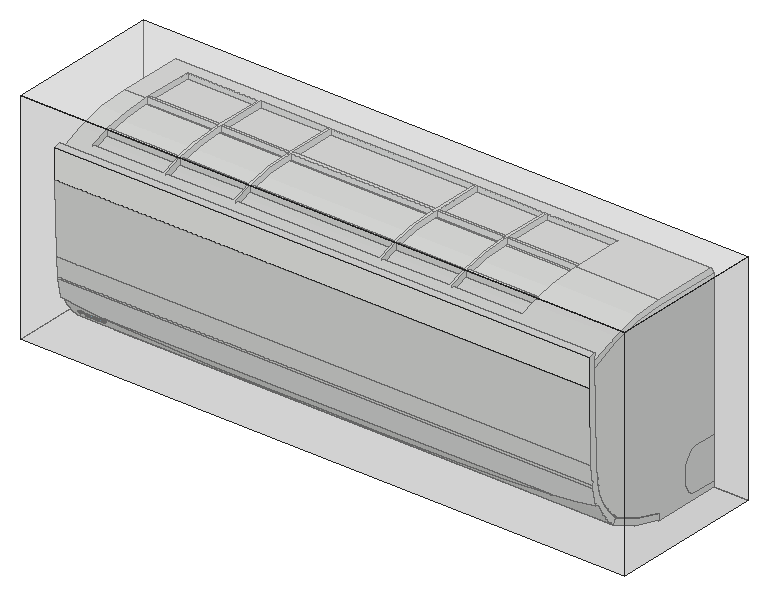
Revit family "outputfile", category 機械設備, Revit 2024
Family settings
  丸型コネクタ寸法 = 半径を使用
  パーツ タイプ = 標準
  OmniClass 番号 = 23.75.10.24.21.27.27
  OmniClass タイトル = Split System Air Conditioning Units
  作業面ベース = いいえ
  常に垂直 = はい
  ロード時にボイドで切り取り = いいえ
  注釈の向きを維持 = いいえ
  共有 = いいえ
  部屋計算ポイント = いいえ
Parameters (values of type "FTXV20W2VMA")
  Description = ""
  書き出し IFC クラス(タイプ) = "IfcUnitaryEquipmentType"
  定義済み IFC タイプ(タイプ) = "AIRCONDITIONINGUNIT"
  Cost = 0
  Type Comments = ""
  Keynote = ""
  Type Image = (empty or 0)
  Assembly Code = ""
  w_wall hole = if(Width = 770.0 mm, 48.0 mm, 60.0 mm)  # 48.0 mm
  製造元 = "Daikin"
  モデル = "FTXV20W2VMA"
  switch_frequency = yes
  r_Liquid Pipe Size = Liquid Pipe Size / 2  # 3.2 mm
  r_Gas Pipe Size = Gas Pipe Size / 2  # 4.75 mm
  r_Drain Pipe Size = Drain Pipe Size / 2  # 8.0 mm
  lw_powersupply [instance] = if(Width = 770.0 mm, if(or(Rear Right Connection_refrigerant, Bottom Right Connection_refrigerant), 25.0 mm, if(or(Rear Left Connection_refrigerant, Bottom Left Connection_refrigerant), 745.0 mm, 400.0 mm)), if(Width = 990.0 mm, if(or(Rear Right Connection_refrigerant, Bottom Right Connection_refrigerant), 40.0 mm, if(or(Rear Left Connection_refrigerant, Bottom Left Connection_refrigerant), 920.0 mm, 400.0 mm)), if(or(Rear Right Connection_refrigerant, Bottom Right Connection_refrigerant), 40.0 mm, if(or(Rear Left Connection_refrigerant, Bottom Left Connection_refrigerant), 920.0 mm, 400.0 mm))))  # 400.0 mm
  lw_liquidpipe [instance] = if(Width = 770.0 mm, if(or(Rear Right Connection_refrigerant, Bottom Right Connection_refrigerant), 0.0 mm, if(or(Rear Left Connection_refrigerant, Bottom Left Connection_refrigerant), 664.0 mm, 385.0 mm)), if(Width = 990.0 mm, if(or(Rear Right Connection_refrigerant, Bottom Right Connection_refrigerant), 0.0 mm, if(or(Rear Left Connection_refrigerant, Bottom Left Connection_refrigerant), 664.0 mm + (990.0 mm - 770.0 mm), 475.0 mm)), if(or(Rear Right Connection_refrigerant, Bottom Right Connection_refrigerant), 0.0 mm, if(or(Rear Left Connection_refrigerant, Bottom Left Connection_refrigerant), 664.0 mm + (990.0 mm - 770.0 mm), 475.0 mm))))  # 385.0 mm
  lw_gaspipe [instance] = if(Width = 770.0 mm, if(or(Rear Right Connection_refrigerant, Bottom Right Connection_refrigerant), 0.0 mm, if(or(Rear Left Connection_refrigerant, Bottom Left Connection_refrigerant), 675.0 mm, if(Gas Pipe Size = 12.7 mm, 345.0 mm, 335.0 mm))), if(Width = 990.0 mm, if(or(Rear Right Connection_refrigerant, Bottom Right Connection_refrigerant), 10.0 mm, if(or(Rear Left Connection_refrigerant, Bottom Left Connection_refrigerant), 890.0 mm, if(Gas Pipe Size = 15.9 mm, 410.0 mm, 400.0 mm))), if(or(Rear Right Connection_refrigerant, Bottom Right Connection_refrigerant), 10.0 mm, if(or(Rear Left Connection_refrigerant, Bottom Left Connection_refrigerant), 890.0 mm, if(Gas Pipe Size = 15.9 mm, 410.0 mm, 400.0 mm)))))  # 335.0 mm
  lw_drainpipe [instance] = if(Width = 770.0 mm, if(or(Rear Right Connection_refrigerant, Bottom Right Connection_refrigerant), 0.0 mm, if(or(Rear Left Connection_refrigerant, Bottom Left Connection_refrigerant), 770.0 mm - 48.0 mm - 48.0 mm, 440.0 mm)), if(Width = 990.0 mm, if(or(Rear Right Connection_refrigerant, Bottom Right Connection_refrigerant), 0.0 mm, if(or(Rear Left Connection_refrigerant, Bottom Left Connection_refrigerant), 675.0 mm + (990.0 mm - 770.0 mm), 435.0 mm)), if(or(Rear Right Connection_refrigerant, Bottom Right Connection_refrigerant), 0.0 mm, if(or(Rear Left Connection_refrigerant, Bottom Left Connection_refrigerant), 675.0 mm + (990.0 mm - 770.0 mm), 435.0 mm))))  # 440.0 mm
  l_powersupply_length [instance] = if(Width = 770.0 mm, if(Right Connection_refrigerant, 400.0 mm, if(Left Connection_refrigerant, 770.0 mm - 400.0 mm, if(or(Rear Left Connection_refrigerant, Rear Right Connection_refrigerant), 15.0 mm, 50.0 mm))), if(Width = 990.0 mm, if(Right Connection_refrigerant, 400.0 mm, if(Left Connection_refrigerant, 990.0 mm - 400.0 mm, if(or(Rear Left Connection_refrigerant, Rear Right Connection_refrigerant), 15.0 mm, 50.0 mm))), if(Right Connection_refrigerant, 400.0 mm, if(Left Connection_refrigerant, 990.0 mm - 400.0 mm, if(or(Rear Left Connection_refrigerant, Rear Right Connection_refrigerant), 15.0 mm, 50.0 mm)))))  # 400.0 mm
  l_liquidpipe_length [instance] = if(Width = 770.0 mm, if(Right Connection_refrigerant, 433.0 mm, if(Left Connection_refrigerant, 337.0 mm, if(or(Rear Left Connection_refrigerant, Rear Right Connection_refrigerant), 30.0 mm, 40.0 mm))), if(Width = 990.0 mm, if(Right Connection_refrigerant, 535.0 mm, if(Left Connection_refrigerant, 455.0 mm, if(or(Rear Left Connection_refrigerant, Rear Right Connection_refrigerant), 30.0 mm, 40.0 mm))), if(Right Connection_refrigerant, 535.0 mm, if(Left Connection_refrigerant, 455.0 mm, if(or(Rear Left Connection_refrigerant, Rear Right Connection_refrigerant), 30.0 mm, 40.0 mm)))))  # 433.0 mm
  l_gaspipe_length [instance] = if(Width = 770.0 mm, if(Right Connection_refrigerant, if(Gas Pipe Size = 12.7 mm, 393.0 mm, 383.0 mm), if(Left Connection_refrigerant, if(Gas Pipe Size = 12.7 mm, 770.0 mm - 393.0 mm, 770.0 mm - 383.0 mm), if(or(Rear Left Connection_refrigerant, Rear Right Connection_refrigerant), 40.0 mm, 50.0 mm))), if(Width = 990.0 mm, if(Right Connection_refrigerant, if(Gas Pipe Size = 15.9 mm, 470.0 mm, 460.0 mm), if(Left Connection_refrigerant, if(Gas Pipe Size = 15.9 mm, 990.0 mm - 470.0 mm, 990.0 mm - 460.0 mm), if(or(Rear Left Connection_refrigerant, Rear Right Connection_refrigerant), 40.0 mm, 50.0 mm))), if(Right Connection_refrigerant, if(Gas Pipe Size = 15.9 mm, 470.0 mm, 460.0 mm), if(Left Connection_refrigerant, if(Gas Pipe Size = 15.9 mm, 990.0 mm - 470.0 mm, 990.0 mm - 460.0 mm), if(or(Rear Left Connection_refrigerant, Rear Right Connection_refrigerant), 40.0 mm, 50.0 mm)))))  # 383.0 mm
  l_drainpipe_length [instance] = if(Width = 770.0 mm, if(Right Connection_refrigerant, 488.0 mm, if(Left Connection_refrigerant, 282.0 mm, if(or(Rear Left Connection_refrigerant, Rear Right Connection_refrigerant), 15.0 mm, 20.0 mm))), if(Width = 990.0 mm, if(Right Connection_refrigerant, 495.0 mm, if(Left Connection_refrigerant, 495.0 mm, if(or(Rear Left Connection_refrigerant, Rear Right Connection_refrigerant), 15.0 mm, 20.0 mm))), if(Right Connection_refrigerant, 495.0 mm, if(Left Connection_refrigerant, 495.0 mm, if(or(Rear Left Connection_refrigerant, Rear Right Connection_refrigerant), 15.0 mm, 20.0 mm)))))  # 488.0 mm
  h*** = 0.0 mm  # constant formula
  connector_voltage = Voltage_50Hz  # 230 V
  connector_powerinput = if([Power Input (Cooling)] > [Power Input (Heating)], [Power Input (Cooling)], [Power Input (Heating)])  # 0.000 kW
  connector_phase = Phase_50Hz  # 1
  angle_vertical [instance] = if(or(Bottom Left Connection_refrigerant, Bottom Right Connection_refrigerant), 0.00°, 90.00°)  # 90.00°
  angle_horizontal [instance] = if(Right Connection_refrigerant, 90.00°, if(Left Connection_refrigerant, -90.00°, if(or(Rear Left Connection_refrigerant, Rear Right Connection_refrigerant), 180.00°, 0.00°)))  # 90.00°
  Width = 770.0 mm
  Voltage_comment_50Hz = "220 - 240"
  Voltage_50Hz = 230 V
  Version = "ver.1.0"
  Unit Type = "Wall Mounted"
  Unit Mass Weight = 9.00 kg
  Unit Designation [instance] = ""
  Uniclass2015Version = "Products v1.30"
  Uniclass2015Title = "Split coil room air conditioning units"
  Uniclass2015Code = "Pr_70_65_03_86"
  URL = ""
  Total Heating Capacity [instance] = 0.000 kW
  Total Cooling Capacity [instance] = 0.000 kW
  Sound Pressure Level_M speed (dBA) = 32
  Sound Pressure Level_L speed (dBA) = 25
  Sound Pressure Level_H speed (dBA) = 38
  Sound Power Level_H speed (dB) = 0
  Series = "Single Split_Fan Coil Unit"
  Sensible Cooling Capacity [instance] = 0.000 kW
  Refrigerant Type = "R32"
  Power Input (Heating) = 0.000 kW
  Power Input (Cooling) = 0.000 kW
  Phase_50Hz = 1
  Option Accessory 3 [instance] = ""
  Option Accessory 2 [instance] = ""
  Option Accessory 1 [instance] = ""
  Nominal Heating Capacity = 2.700 kW
  Nominal Cooling Capacity = 2.000 kW
  Minimum Circuit Amps_50Hz = 0.0 A
  Minimum Airflow = 300.00 m³/h
  Median Airflow = 426.00 m³/h
  Maximum Fuse Amps_50Hz = 0.0 A
  Maximum Airflow = 546.00 m³/h
  Material_Casing = DAIKIN_PureWhite_Casing_indoorunit
  Load Classification = HVAC
  Liquid Pipe Size = 6.4 mm
  Link_Nested Family [instance] = ""
  IfcVersion = ""
  IfcExportType = "AIRCONDITIONINGUNIT"
  IfcExportAs = "IfcUnitaryEquipmentType"
  Height = 285.0 mm
  Heating Entering Wet Bulb Temperature [instance] = -273.15 °C
  Heating Entering Dry Bulb Temperature [instance] = -273.15 °C
  Heating Ambient Wet Bulb Temperature [instance] = -273.15 °C
  Heating Ambient Dry Bulb Temperature [instance] = -273.15 °C
  Heat Exchanger Type = "Cross Fin Coil"
  Gas Pipe Size = 9.5 mm
  Frequency_50Hz = 50 Hz
  Fan Type = "Cross Flow Fan"
  Fan Drive = "Direct Drive"
  FCU Tag No. [instance] = ""
  Drain Pipe Size = 16.0 mm
  Design Supply Airflow [instance] = 0.00 m³/h
  Depth = 223.0 mm
  既定の高さ = 0.0 mm
  Cooling Entering Wet Bulb Temperature [instance] = 0.00 °C
  Cooling Entering Dry Bulb Temperature [instance] = 0.00 °C
  Cooling Ambient Wet Bulb Temperature [instance] = 0.00 °C
  Cooling Ambient Dry Bulb Temperature [instance] = 0.00 °C
  Clearance visibility [instance] = yes
  Clearance Top = 30.0 mm
  Clearance Right = 50.0 mm
  Clearance Rear = 0.0 mm
  Clearance Left = 50.0 mm
  Clearance Front = 0.0 mm
  Clearance Bottom = 0.0 mm
  Bottom Right Connection_refrigerant [instance] = no
  Bottom Left Connection_refrigerant [instance] = no
  Rear Right Connection_refrigerant [instance] = no
  Rear Left Connection_refrigerant [instance] = no
  Right Connection_refrigerant [instance] = yes
  Left Connection_refrigerant [instance] = no
Reference planes
  plane 1 "Back": y = 0
  plane 2: z = 0
  plane 3 "Center (Left/Right)": x = 0
  plane 4 "Center (Front/Back)": y = -111.5
  plane 5 "Front": y = -223
  plane 6 "Left": x = -385
  plane 7 "Right": x = 385
  plane 8 "Top": z = 0
  plane 9 "Bottom": z = -285
  plane 10: x = -435
  plane 11: x = 435
  plane 12: y = 0
  plane 13: y = -223
  plane 14: z = 30
  plane 15: z = -285
  plane 16 "lw_Piping and Wiring intake": x = 337
  plane 17 "lw_gaspipe": x = 2
  plane 18 "lw_liquidpipe": x = -48
  plane 19 "lw_drainpipe": x = -103
  plane 20 "lh_drainpipe": z = -265
  plane 21 "lh_liquidpipe": z = -245
  plane 22 "lh_gaspipe": z = -235
  plane 23 "ld_drainpipe": y = -15
  plane 24 "ld_liquidpipe": y = -30
  plane 25 "ld_gaspipe": y = -40
  plane 26 "lw_powersupply": x = -15
Dimensions and locks
  equal spacing: plane 6 "Left", plane 3 "Center (Left/Right)", plane 7 "Right"
  "Width": plane 6 "Left" to plane 7 "Right"
  equal spacing: plane 5 "Front", plane 4 "Center (Front/Back)", plane 1 "Back"
  "Depth": plane 5 "Front" to plane 1 "Back"
  "Height": plane 8 "Top" to plane 9 "Bottom"
  "Clearance Rear": plane 12 to plane 1 "Back"
  "Clearance Front": plane 13 to plane 5 "Front"
  "Clearance Top": plane 14 to plane 8 "Top"
  "Clearance Bottom": plane 9 "Bottom" to plane 15
  "w_wall hole": plane 16 "lw_Piping and Wiring intake" to plane 7 "Right"
  "lw_gaspipe": plane 17 "lw_gaspipe" to plane 16 "lw_Piping and Wiring intake"
  "lw_liquidpipe": plane 18 "lw_liquidpipe" to plane 16 "lw_Piping and Wiring intake"
  "lw_drainpipe": plane 19 "lw_drainpipe" to plane 16 "lw_Piping and Wiring intake"
  locked: plane 20 "lh_drainpipe" to plane 9 "Bottom" at 20
  locked: plane 21 "lh_liquidpipe" to plane 9 "Bottom" at 40
  locked: plane 22 "lh_gaspipe" to plane 9 "Bottom" at 50
  locked: plane 23 "ld_drainpipe" to plane 1 "Back" at 15
  locked: plane 1 "Back" to plane 24 "ld_liquidpipe" at 30
  locked: plane 1 "Back" to plane 25 "ld_gaspipe" at 40
  "lw_powersupply": plane 26 "lw_powersupply" to plane 7 "Right"
  "Clearance Right": plane 7 "Right" to plane 11
  "Clearance Left": plane 10 to plane 6 "Left"
  aligned and locked: level to plane 2
  aligned and locked: plane 12 to nested 1
  aligned and locked: nested 1 to plane 13
  aligned and locked: plane 10 to nested 1
  aligned and locked: plane 11 to nested 1
  aligned and locked: plane 15 to nested 1
  aligned and locked: plane 14 to nested 1
  aligned and locked: plane 17 "lw_gaspipe" to nested 2
  aligned and locked: nested 2 to plane 25 "ld_gaspipe"
  aligned and locked: plane 18 "lw_liquidpipe" to nested 3
  aligned and locked: nested 3 to plane 24 "ld_liquidpipe"
  aligned and locked: plane 19 "lw_drainpipe" to nested 4
  aligned and locked: nested 4 to plane 23 "ld_drainpipe"
  aligned and locked: nested 5 to plane 23 "ld_drainpipe"
  aligned and locked: plane 26 "lw_powersupply" to nested 5
  aligned and locked: level to plane 8 "Top"
  aligned and locked: plane 3 "Center (Left/Right)" to nested 6
  aligned and locked: plane 1 "Back" to nested 6
  aligned and locked: plane 8 "Top" to nested 6
Nested families
  nested 1: "daikin_clearancespace" at (0, -111.5, -127.381), show <- "Clearance visibility", visible <- "Clearance visibility", Link_Nested Family <- "Link_Nested Family", type "daikin_clearancespace"
    with width 870.0 mm, show yes, height 315.0 mm, depth 223.0 mm, Link_Nested Family ""
  nested 2: "daikin_connector_rotate3" at (2, -40, -235), angle_vertical <- "angle_vertical", angle_horizontal <- "angle_horizontal", length <- "l_gaspipe_length", radius <- "r_Gas Pipe Size", type "daikin_connector_rotate3"
    with show no, radius 4.75 mm, length 383.0 mm, angle_vertical 90.00°, angle_horizontal 90.00°
  nested 3: "daikin_connector_rotate3" at (-48, -30, -245), angle_vertical <- "angle_vertical", angle_horizontal <- "angle_horizontal", radius <- "r_Liquid Pipe Size", length <- "l_liquidpipe_length", type "daikin_connector_rotate3"
    with show no, radius 3.2 mm, length 433.0 mm, angle_vertical 90.00°, angle_horizontal 90.00°
  nested 4: "daikin_connector_rotate3" at (-103, -15, -265), angle_vertical <- "angle_vertical", angle_horizontal <- "angle_horizontal", length <- "l_drainpipe_length", radius <- "r_Drain Pipe Size", type "daikin_connector_rotate3"
    with show no, radius 8.0 mm, length 488.0 mm, angle_vertical 90.00°, angle_horizontal 90.00°
  nested 5: "daikin_connector_rotate3" at (-15, -15, -235), angle_vertical <- "angle_vertical", angle_horizontal <- "angle_horizontal", length <- "l_powersupply_length", type "daikin_connector_rotate3"
    with show no, radius 10.0 mm, length 400.0 mm, angle_vertical 90.00°, angle_horizontal 90.00°
  nested 6: "DAIKIN_indoorunit_FTXV-W2VMA" at (-31, 0, 0), type "FTXV-W2VMA"
Connectors
  piping at (385, -40, -235), diameter 9.5, driven by "r_Gas Pipe Size"
    settings: on nested 2, index 1, connector inside diameter 609.6 mm, connector length 0.0 mm, flow factor 0, pipe flow 0.00 m³/h, pressure drop 0.0 Pa, fitting loss kfactor 0, connector angle 0.00°, fixture units 0, engagement length 0.0 mm, angle of deflection 0.00°, flow configuration 1, flow direction 2, fitting loss method 0, system type 29, joint type 0, gender type 0, connector reference index -1, connector utility 0, adjustable connector no, is connector primary yes, connector description "Refrigerant Gas Piping"
  piping at (385, -30, -245), diameter 6.4, driven by "r_Liquid Pipe Size"
    settings: on nested 3, index 2, connector inside diameter 609.6 mm, connector length 0.0 mm, flow factor 0, pipe flow 0.00 m³/h, pressure drop 0.0 Pa, fitting loss kfactor 0, connector angle 0.00°, fixture units 0, engagement length 0.0 mm, angle of deflection 0.00°, flow configuration 1, flow direction 1, fitting loss method 0, system type 29, joint type 0, gender type 0, connector reference index -1, connector utility 0, adjustable connector no, is connector primary no, connector description "Refrigerant Liquid Piping"
  piping at (385, -15, -265), diameter 16, driven by "r_Drain Pipe Size"
    settings: on nested 4, index 3, connector inside diameter 609.6 mm, connector length 0.0 mm, flow factor 0, pipe flow 0.00 m³/h, pressure drop 0.0 Pa, fitting loss kfactor 0, connector angle 0.00°, fixture units 0, engagement length 0.0 mm, angle of deflection 0.00°, flow configuration 1, flow direction 2, fitting loss method 4, system type 16, joint type 0, gender type 0, connector reference index -1, connector utility 0, adjustable connector no, is connector primary no, connector description "Condensate Drain Piping"
  electrical at (385, -15, -235), driven by "Load Classification", driven by "connector_phase", driven by "connector_powerinput", driven by "connector_voltage"
    settings: on nested 5, index 4, voltage 230 V, apparent load 0 VA, apparent load phase1 0 VA, apparent load phase2 0 VA, apparent load phase3 0 VA, power factor 1, load classification "HVAC", number of poles 1, system type 30, power factor state 1, is connector primary yes, connector utility no, sub classification motor no, connector description "Power Supply"
Definition of nested family "daikin_clearancespace"
  Parameters (values of type "daikin_clearancespace")
    Description = "daikin_clearancespace"
    width [instance] = 1823.963 mm
    show [instance] = yes
    material = none
    height [instance] = 1359.762 mm
    depth [instance] = 880.0 mm
    Default Elevation = 0.0 mm
    Link_Nested Family [instance] = ""
  Reference planes
    plane 1 "Center (Front/Back)": y = 0
    plane 2 "Center (Elevation)": z = -0.119
    plane 3 "Center (Left/Right)": x = 0
    plane 4: y = 440
    plane 5: y = -440
    plane 6 "Right": x = 911.982
    plane 7 "Left": x = -911.982
    plane 8 "Top": z = 679.762
    plane 9 "Bottom": z = -680
  Forms (mm)
    Extrusion 1, solid, material <- "material", visible <- "show"
      sketch origin (0, 0, 0) x (1, 0, 0) y (0, 1, 0)
        loop
          line (-911.982, 440) -> (-911.982, -440) -> (911.982, -440) -> (911.982, 440) -> (-911.982, 440)
      from -680 to 679.762
  Lines and regions (mm)
    symbolic lines, visible <- "show"
      curve 1: line (911.982, 440, 0) -> (-911.982, 440, 0)
      curve 2: line (-911.982, 440, 0) -> (-911.982, -440, 0)
      curve 3: line (-911.982, -440, 0) -> (911.982, -440, 0)
      curve 4: line (911.982, -440, 0) -> (911.982, 440, 0)
      curve 5: line (911.982, 0, 679.762) -> (-911.982, 0, 679.762)
      curve 6: line (911.982, 0, -680) -> (911.982, 0, 679.762)
      curve 7: line (-911.982, 0, -680) -> (911.982, 0, -680)
      curve 8: line (-911.982, 0, 679.762) -> (-911.982, 0, -680)
      curve 9: line (0, 440, 679.762) -> (0, -440, 679.762)
      curve 10: line (0, -440, 679.762) -> (0, -440, -680)
      curve 11: line (0, 440, -680) -> (0, 440, 679.762)
      curve 12: line (0, -440, -680) -> (0, 440, -680)
  Dimensions and locks
    "width": plane 7 "Left" to plane 6 "Right"
    "depth": plane 4 to plane 5
    "height": plane 8 "Top" to plane 9 "Bottom"
    equal spacing: plane 7 "Left", plane 3 "Center (Left/Right)", plane 6 "Right"
    equal spacing: plane 4, plane 1 "Center (Front/Back)", plane 5
    equal spacing: plane 8 "Top", plane 2 "Center (Elevation)", plane 9 "Bottom"
    aligned and locked: level to plane 2 "Center (Elevation)"
    aligned and locked: Extrusion 1 sketch curve to plane 4
    aligned and locked: plane 7 "Left" to Extrusion 1 sketch curve
    aligned and locked: Extrusion 1 sketch curve to plane 5
    aligned and locked: Extrusion 1 sketch curve to plane 6 "Right"
    aligned and locked: plane 8 "Top" to Extrusion 1
    aligned and locked: curve 1 to Extrusion 1
    aligned and locked: curve 2 to Extrusion 1
    aligned and locked: curve 3 to Extrusion 1
    aligned and locked: curve 4 to Extrusion 1
    aligned and locked: curve 5 to Extrusion 1
    aligned and locked: curve 6 to Extrusion 1
    aligned and locked: curve 7 to Extrusion 1
    aligned and locked: curve 8 to Extrusion 1
    aligned and locked: curve 9 to Extrusion 1
    aligned and locked: curve 10 to Extrusion 1
    aligned and locked: curve 11 to Extrusion 1
    aligned and locked: curve 12 to Extrusion 1
    aligned and locked: Extrusion 1 to plane 9 "Bottom"
Definition of nested family "DAIKIN_indoorunit_FTXV-W2VMA"
  Parameters (values of type "FTKM-QVMA")
    switch_unit1_50-71 = Width = 990.0 mm  # no
    switch_unit1_20-46 = Width = 770.0 mm  # yes
    Width = 770.0 mm
    WALL HOLE-R = if(Width = 770.0 mm, 48.0 mm, 60.0 mm)  # 48.0 mm
    WALL HOLE Size = if(Width = 770.0 mm, 65.0 mm, 80.0 mm)  # 65.0 mm
    Material_Casing = none
    Height = if(Width = 770.0 mm, 285.0 mm, 295.0 mm)  # 285.0 mm
    Default Elevation = 0.0 mm
  Reference planes
    plane 1 "Center (Front/Back)": y = 0
    plane 2 "reference_level": z = 0
    plane 3 "Center (Left/Right)": x = 31
    plane 4: x = -354
    plane 5: x = 416
    plane 6: z = -285
  Forms (mm)
    Extrusion 1, solid, material <- "Material_Casing", visible <- "switch_unit1_20-46"
      sketch origin (29, 0, 0) x (0, 1, 0) y (0, 0, 1)
        loop
          line (-5, 0) -> (-98, 0)
          arc (-98, 0) -> (-157.611, -7.211) -> (-213.783, -28.427) r 250
          arc (-213.783, -28.427) -> (-213.842, -32.972) -> (-213.892, -37.516) r 2191
          arc (-213.892, -37.516) -> (-157.832, -15.495) -> (-98.07, -8) r 242
          line (-98.07, -8) -> (0, -8) -> (-5, 0)
      from -383 to 387
    Extrusion 2, solid, material <- "Material_Casing", visible <- "switch_unit1_20-46"
      sketch origin (416, 1296.25, 1200) x (0, 1, 0) y (0, 0, 1)
        loop
          line (-1472.998, -1446.91) -> (-1476.998, -1453.839)
          arc (-1476.998, -1453.839) -> (-1437.481, -1472.422) -> (-1395.25, -1483.538) r 240
          line (-1395.25, -1483.538) -> (-1395.25, -1475.422)
          arc (-1395.25, -1475.422) -> (-1435.407, -1464.663) -> (-1472.998, -1446.91) r 232
      from 0 to -47.5
    Extrusion 3, solid, material <- "Material_Casing", visible <- "switch_unit1_20-46"
      sketch origin (29, 0, 0) x (0, 1, 0) y (0, 0, 1)
        loop
          arc (-223, -60.455) -> (-222.414, -110.646) -> (-220.656, -160.81) r 2149.92
          arc (-220.656, -160.81) -> (-219.65, -174.299) -> (-217.853, -187.706) r 229.911
          arc (-217.853, -187.706) -> (-205.371, -223.594) -> (-181.517, -253.17) r 111
          line (-181.517, -253.17) -> (-177.429, -246.093)
          arc (-177.429, -246.093) -> (-198.77, -218.989) -> (-209.965, -186.36) r 103
          arc (-209.965, -186.36) -> (-211.681, -173.586) -> (-212.651, -160.735) r 221.844
          arc (-212.651, -160.735) -> (-214.739, -93.233) -> (-214.74, -25.699) r 2186.828
          arc (-214.74, -25.699) -> (-214.671, -21.467) -> (-214.594, -17.235) r 2192
          line (-214.594, -17.235) -> (-223, -19.961) -> (-223, -60.455)
      from -383 to 387
    Extrusion 4, solid, material <- "Material_Casing", visible <- "switch_unit1_20-46"
      sketch origin (29, 0, 0) x (0, 1, 0) y (0, 0, 1)
        loop
          line (-181.517, -253.17) -> (-179.597, -249.846)
          arc (-179.597, -249.846) -> (-202.009, -221.399) -> (-213.189, -186.952) r 103
          line (-213.189, -186.952) -> (-217.853, -187.706)
          arc (-217.853, -187.706) -> (-217.533, -189.556) -> (-217.182, -191.4) r 111
          arc (-217.182, -191.4) -> (-213.806, -208.181) -> (-210.362, -224.948) r 4257.809
          arc (-210.362, -224.948) -> (-198.886, -237.857) -> (-186.225, -249.607) r 180
          line (-186.225, -249.607) -> (-181.517, -253.17)
      from -383 to 387
    Extrusion 5, solid, material <- "Material_Casing", visible <- "switch_unit1_20-46"
      sketch origin (29, 0, -20) x (0, 1, 0) y (0, 0, 1)
        loop
          line (0, -265) -> (0, 12) -> (-98.07, 12)
          arc (-98.07, 12) -> (-157.832, 4.505) -> (-213.892, -17.516) r 242
          arc (-213.892, -17.516) -> (-213.638, -79.114) -> (-211.653, -140.681) r 2191
          arc (-211.653, -140.681) -> (-210.685, -153.501) -> (-208.973, -166.243) r 221
          arc (-208.973, -166.243) -> (-197.471, -199.282) -> (-175.482, -226.491) r 102
          arc (-175.482, -226.491) -> (-138.004, -244.019) -> (-98, -254.579) r 231
          line (-98, -254.579) -> (-98, -265) -> (0, -265)
      from -383 to 387
    Extrusion 6, solid, material <- "Material_Casing", visible <- "switch_unit1_20-46"
      sketch origin (-354, 1296.25, 1200) x (0, 1, 0) y (0, 0, 1)
        loop
          line (-1472.998, -1446.91) -> (-1476.998, -1453.839)
          arc (-1476.998, -1453.839) -> (-1437.481, -1472.422) -> (-1395.25, -1483.538) r 240
          line (-1395.25, -1483.538) -> (-1395.25, -1475.422)
          arc (-1395.25, -1475.422) -> (-1435.407, -1464.663) -> (-1472.998, -1446.91) r 232
      from 47 to 0
    Extrusion 7, solid, material <- "Material_Casing", visible <- "switch_unit1_20-46"
      sketch origin (416, 1296.25, 1200) x (0, 1, 0) y (0, 0, 1)
        loop
          line (-1472.998, -1446.91) -> (-1476.998, -1453.839)
          arc (-1476.998, -1453.839) -> (-1443.437, -1470.168) -> (-1407.75, -1481.097) r 240
          line (-1407.75, -1481.097) -> (-1407.75, -1472.894)
          arc (-1407.75, -1472.894) -> (-1441.363, -1462.385) -> (-1472.998, -1446.91) r 232
      from -116.993 to -48.493
    Extrusion 8, solid, material <- "Material_Casing", visible <- "switch_unit1_20-46"
      sketch origin (416, 1296.25, 1200) x (0, 1, 0) y (0, 0, 1)
        loop
          line (-1472.998, -1446.91) -> (-1476.998, -1453.839)
          arc (-1476.998, -1453.839) -> (-1443.437, -1470.168) -> (-1407.75, -1481.097) r 240
          line (-1407.75, -1481.097) -> (-1407.75, -1472.894)
          arc (-1407.75, -1472.894) -> (-1441.363, -1462.385) -> (-1472.998, -1446.91) r 232
      from -717 to -121.993
    Extrusion 9, void
      sketch origin (31, 0, -235) x (1, 0, 0) y (0, 1, 0)
        loop
          line (-252.674, -22.316) -> (-354.941, -22.316) -> (-354.941, -91.341) -> (-252.674, -91.341) -> (-252.674, -22.316)
        loop
          line (-249.341, -91.341) -> (-151.574, -91.341) -> (-151.574, -22.316) -> (-249.341, -22.316) -> (-249.341, -91.341)
        loop
          line (58.309, -22.316) -> (-148.309, -22.316) -> (-148.309, -91.341) -> (58.309, -91.341) -> (58.309, -22.316)
        loop
          line (61.689, -22.316) -> (61.689, -91.341) -> (159.457, -91.341) -> (159.457, -22.316) -> (61.689, -22.316)
        loop
          line (162.789, -22.316) -> (162.789, -91.341) -> (265.057, -91.341) -> (265.057, -22.316) -> (162.789, -22.316)
        loop
          line (-354.941, -94.659) -> (-354.941, -165.259) -> (-252.674, -165.259) -> (-252.674, -94.659) -> (-354.941, -94.659)
        loop
          line (-249.341, -94.659) -> (-249.341, -165.259) -> (-151.574, -165.259) -> (-151.574, -94.659) -> (-249.341, -94.659)
        loop
          line (-148.309, -94.659) -> (-148.309, -165.259) -> (58.309, -165.259) -> (58.309, -94.659) -> (-148.309, -94.659)
        loop
          line (61.689, -94.659) -> (61.689, -165.259) -> (159.457, -165.259) -> (159.457, -94.659) -> (61.689, -94.659)
        loop
          line (162.789, -94.659) -> (162.789, -165.259) -> (265.057, -165.259) -> (265.057, -94.659) -> (162.789, -94.659)
        loop
          line (-354.941, -167.382) -> (-354.941, -192.681) -> (-252.674, -192.681) -> (-252.674, -167.382) -> (-354.941, -167.382)
        loop
          line (-249.341, -167.382) -> (-249.341, -192.681) -> (-151.574, -192.681) -> (-151.574, -167.382) -> (-249.341, -167.382)
        loop
          line (-148.309, -167.382) -> (-148.309, -192.681) -> (58.309, -192.681) -> (58.309, -167.382) -> (-148.309, -167.382)
        loop
          line (159.457, -167.382) -> (61.689, -167.382) -> (61.689, -192.681) -> (159.457, -192.681) -> (159.457, -167.382)
        loop
          line (265.057, -167.382) -> (162.789, -167.382) -> (162.789, -192.681) -> (265.057, -192.681) -> (265.057, -167.382)
      from 201.638 to 250
    Extrusion 10, void
      sketch origin (31, 0, 0) x (1, 0, 0) y (0, 0, 1)
        loop
          arc (597, -174.907) -> (0.056, -245.263) -> (-597, -175.856) r 2585.042
          line (-597, -175.856) -> (-597, -352.872) -> (597, -352.872) -> (597, -174.907)
      from 173 to 315.3
    Extrusion 11, solid, material <- "Material_Casing"
      sketch origin (31, 0, 0) x (1, 0, 0) y (0, 0, 1)
        loop
          circle (337, -240.5) r 32.5
        loop
          circle (-337, -240.5) r 32.5
      from 0 to 5
    Extrusion 12, solid, material <- "Material_Casing", visible <- "switch_unit1_20-46"
      sketch origin (416, 1296.25, 1200) x (0, -1, 0) y (0, 0, 1)
        loop
          line (1326.25, -1417) -> (1296.25, -1417) -> (1296.25, -1477) -> (1326.25, -1477)
          arc (1326.25, -1477) -> (1340.393, -1471.142) -> (1346.25, -1457) r 20
          line (1346.25, -1457) -> (1346.25, -1437)
          arc (1346.25, -1437) -> (1340.393, -1422.858) -> (1326.25, -1417) r 20
      from 0 to 5
    Extrusion 13, solid, material <- "Material_Casing", visible <- "switch_unit1_20-46"
      sketch origin (-354, 1296.25, 1200) x (0, 1, 0) y (0, 0, 1)
        loop
          line (-1296.25, -1417) -> (-1326.25, -1417)
          arc (-1326.25, -1417) -> (-1340.393, -1422.858) -> (-1346.25, -1437) r 20
          line (-1346.25, -1437) -> (-1346.25, -1457)
          arc (-1346.25, -1457) -> (-1340.393, -1471.142) -> (-1326.25, -1477) r 20
          line (-1326.25, -1477) -> (-1296.25, -1477) -> (-1296.25, -1417)
      from 0 to 5
    Extrusion 14, solid, material <- "Material_Casing", visible <- "switch_unit1_20-46"
      sketch origin (31, 0, -285) x (-1, 0, 0) y (0, -1, 0)
        loop
          line (-314, 0) -> (-314, 30)
          arc (-314, 30) -> (-319.858, 44.142) -> (-334, 50) r 20
          line (-334, 50) -> (-354, 50)
          arc (-354, 50) -> (-368.142, 44.142) -> (-374, 30) r 20
          line (-374, 30) -> (-374, 0) -> (-314, 0)
        loop
          line (374, 0) -> (374, 30)
          arc (374, 30) -> (368.142, 44.142) -> (354, 50) r 20
          line (354, 50) -> (334, 50)
          arc (334, 50) -> (319.858, 44.142) -> (314, 30) r 20
          line (314, 30) -> (314, 0) -> (374, 0)
      from 0 to 5
    Extrusion 15, solid, material <- "Material_Casing", visible <- "switch_unit1_50-71"
      sketch origin (31, 0, 0) x (0, 1, 0) y (0, 0, 1)
        loop
          line (-5, 0) -> (-138, 0)
          arc (-138, 0) -> (-197.611, -7.211) -> (-253.783, -28.427) r 250
          arc (-253.783, -28.427) -> (-253.838, -32.687) -> (-253.886, -36.946) r 2191
          arc (-253.886, -36.946) -> (-197.73, -15.346) -> (-138.014, -8) r 246.393
          line (-138.014, -8) -> (0, -8) -> (-5, 0)
      from -495 to 495
    Extrusion 16, solid, material <- "Material_Casing", visible <- "switch_unit1_50-71"
      sketch origin (418, 1296.25, 1200) x (0, 1, 0) y (0, 0, 1)
        loop
          arc (-1515.208, -1454.149) -> (-1506.856, -1460.599) -> (-1497.925, -1466.219) r 110
          arc (-1497.925, -1466.219) -> (-1445.718, -1487.493) -> (-1389.844, -1494.995) r 223
          line (-1389.844, -1494.995) -> (-1389.844, -1486.086) -> (-1404.386, -1486.086)
          arc (-1404.386, -1486.086) -> (-1449.542, -1477.46) -> (-1491.818, -1459.402) r 214.289
          arc (-1491.818, -1459.402) -> (-1501.056, -1453.541) -> (-1509.606, -1446.715) r 101
          line (-1509.606, -1446.715) -> (-1515.208, -1454.149)
      from 108 to 57.5
    Extrusion 17, solid, material <- "Material_Casing", visible <- "switch_unit1_50-71"
      sketch origin (31, 0, 0) x (0, 1, 0) y (0, 0, 1)
        loop
          line (-263, -19.962) -> (-263, -61.6)
          arc (-263, -61.6) -> (-262.414, -110.219) -> (-260.656, -158.81) r 2017.341
          arc (-260.656, -158.81) -> (-255.648, -191.935) -> (-244.041, -223.362) r 164.725
          arc (-244.041, -223.362) -> (-233.569, -239.793) -> (-219.717, -253.495) r 87.379
          line (-219.717, -253.495) -> (-214.706, -246.846)
          arc (-214.706, -246.846) -> (-229.564, -230.029) -> (-240.385, -210.371) r 102
          arc (-240.385, -210.371) -> (-249.049, -182.962) -> (-252.848, -154.467) r 165.789
          arc (-252.848, -154.467) -> (-254.771, -90.102) -> (-254.74, -25.708) r 2122.533
          arc (-254.74, -25.708) -> (-254.671, -21.469) -> (-254.594, -17.23) r 2192
          line (-254.594, -17.23) -> (-263, -19.962)
      from -495 to 495
    Extrusion 18, void
      sketch origin (33, 0, 0) x (1, 0, 0) y (0, 1, 0)
        loop
          line (-466.909, -22.316) -> (-466.909, -111.341) -> (-366.303, -111.341) -> (-366.303, -22.316) -> (-466.909, -22.316)
        loop
          line (-362.71, -22.316) -> (-362.71, -111.341) -> (-262.103, -111.341) -> (-262.103, -22.316) -> (-362.71, -22.316)
        loop
          line (-258.51, -22.316) -> (-258.51, -111.341) -> (-157.904, -111.341) -> (-157.904, -22.316) -> (-258.51, -22.316)
        loop
          line (-154.31, -22.316) -> (-154.31, -111.341) -> (-53.704, -111.341) -> (-53.704, -22.316) -> (-154.31, -22.316)
        loop
          line (-50.11, -22.316) -> (-50.11, -111.341) -> (50.496, -111.341) -> (50.496, -22.316) -> (-50.11, -22.316)
        loop
          line (54.089, -22.316) -> (54.089, -111.341) -> (154.696, -111.341) -> (154.696, -22.316) -> (54.089, -22.316)
        loop
          line (158.289, -22.316) -> (158.289, -111.341) -> (258.895, -111.341) -> (258.895, -22.316) -> (158.289, -22.316)
        loop
          line (262.489, -22.316) -> (262.489, -111.341) -> (363.095, -111.341) -> (363.095, -22.316) -> (262.489, -22.316)
        loop
          line (-466.909, -114.459) -> (-466.909, -185.059) -> (-366.303, -185.059) -> (-366.303, -114.459) -> (-466.909, -114.459)
        loop
          line (-362.71, -114.459) -> (-362.71, -185.059) -> (-262.103, -185.059) -> (-262.103, -114.459) -> (-362.71, -114.459)
        loop
          line (-258.51, -114.459) -> (-258.51, -185.059) -> (-157.904, -185.059) -> (-157.904, -114.459) -> (-258.51, -114.459)
        loop
          line (-154.31, -114.459) -> (-154.31, -185.059) -> (-53.704, -185.059) -> (-53.704, -114.459) -> (-154.31, -114.459)
        loop
          line (-50.11, -114.459) -> (-50.11, -185.059) -> (50.496, -185.059) -> (50.496, -114.459) -> (-50.11, -114.459)
        loop
          line (54.089, -114.459) -> (54.089, -185.059) -> (154.696, -185.059) -> (154.696, -114.459) -> (54.089, -114.459)
        loop
          line (158.289, -114.459) -> (158.289, -185.059) -> (258.895, -185.059) -> (258.895, -114.459) -> (158.289, -114.459)
        loop
          line (262.489, -114.459) -> (262.489, -185.059) -> (363.095, -185.059) -> (363.095, -114.459) -> (262.489, -114.459)
        loop
          line (-466.909, -187.382) -> (-466.909, -232.681) -> (-366.303, -232.681) -> (-366.303, -187.382) -> (-466.909, -187.382)
        loop
          line (-362.71, -187.382) -> (-362.71, -232.681) -> (-262.103, -232.681) -> (-262.103, -187.382) -> (-362.71, -187.382)
        loop
          line (-258.51, -187.382) -> (-258.51, -232.681) -> (-157.904, -232.681) -> (-157.904, -187.382) -> (-258.51, -187.382)
        loop
          line (-154.31, -187.382) -> (-154.31, -232.681) -> (-53.704, -232.681) -> (-53.704, -187.382) -> (-154.31, -187.382)
        loop
          line (-50.11, -187.382) -> (-50.11, -232.681) -> (50.496, -232.681) -> (50.496, -187.382) -> (-50.11, -187.382)
        loop
          line (54.089, -187.382) -> (54.089, -232.681) -> (154.696, -232.681) -> (154.696, -187.382) -> (54.089, -187.382)
        loop
          line (158.289, -187.382) -> (158.289, -232.681) -> (258.895, -232.681) -> (258.895, -187.382) -> (158.289, -187.382)
        loop
          line (262.489, -187.382) -> (262.489, -232.681) -> (363.095, -232.681) -> (363.095, -187.382) -> (262.489, -187.382)
      from -40.013 to 47.268
    Extrusion 19, void
      sketch origin (33, 0, 2300) x (1, 0, 0) y (0, 0, 1)
        loop
          line (705, -2672.872) -> (705, -2462.4)
          arc (705, -2462.4) -> (-2.043, -2534.819) -> (-709, -2461.567) r 3467.757
          line (-709, -2461.567) -> (-709, -2672.872) -> (705, -2672.872)
      from 173 to 315.3
    Extrusion 20, solid, material <- "Material_Casing", visible <- "switch_unit1_50-71"
      sketch origin (-356, 1296.25, 1200) x (0, 1, 0) y (0, 0, -1)
        loop
          line (-1515.208, 1454.149) -> (-1509.606, 1446.715)
          arc (-1509.606, 1446.715) -> (-1501.056, 1453.541) -> (-1491.818, 1459.402) r 101
          arc (-1491.818, 1459.402) -> (-1449.542, 1477.46) -> (-1404.386, 1486.086) r 214.289
          line (-1404.386, 1486.086) -> (-1389.844, 1486.086) -> (-1389.844, 1494.995)
          arc (-1389.844, 1494.995) -> (-1445.718, 1487.493) -> (-1497.925, 1466.219) r 223
          arc (-1497.925, 1466.219) -> (-1506.856, 1460.599) -> (-1515.208, 1454.149) r 110
      from 108 to 61
    Extrusion 21, solid, material <- "Material_Casing", visible <- "switch_unit1_50-71"
      sketch origin (418, 1296.25, 1200) x (0, 1, 0) y (0, 0, 1)
        loop
          arc (-1515.208, -1454.149) -> (-1506.856, -1460.599) -> (-1497.925, -1466.219) r 110
          arc (-1497.925, -1466.219) -> (-1463.185, -1482.066) -> (-1426.25, -1491.755) r 223
          line (-1426.25, -1491.755) -> (-1426.25, -1483.166)
          arc (-1426.25, -1483.166) -> (-1460.008, -1473.969) -> (-1491.818, -1459.402) r 214.289
          arc (-1491.818, -1459.402) -> (-1501.056, -1453.541) -> (-1509.606, -1446.715) r 101
          line (-1509.606, -1446.715) -> (-1515.208, -1454.149)
      from 56.5 to -36.993
    Extrusion 22, solid, material <- "Material_Casing", visible <- "switch_unit1_50-71"
      sketch origin (418, 1296.25, 1200) x (0, 1, 0) y (0, 0, 1)
        loop
          arc (-1426.25, -1483.166) -> (-1443.442, -1479.224) -> (-1460.25, -1473.881) r 214.289
          line (-1460.25, -1473.881) -> (-1460.25, -1483.089)
          arc (-1460.25, -1483.089) -> (-1443.421, -1488.091) -> (-1426.25, -1491.755) r 223
          line (-1426.25, -1491.755) -> (-1426.25, -1483.166)
      from -43.493 to -828.893
    Extrusion 23, solid, material <- "Material_Casing", visible <- "switch_unit1_50-71"
      sketch origin (418, 1296.25, 1200) x (0, 1, 0) y (0, 0, 1)
        loop
          arc (-1515.208, -1454.149) -> (-1506.856, -1460.599) -> (-1497.925, -1466.219) r 110
          arc (-1497.925, -1466.219) -> (-1479.479, -1475.527) -> (-1460.25, -1483.089) r 223
          line (-1460.25, -1483.089) -> (-1460.25, -1473.881)
          arc (-1460.25, -1473.881) -> (-1476.328, -1467.282) -> (-1491.818, -1459.402) r 214.289
          arc (-1491.818, -1459.402) -> (-1501.056, -1453.541) -> (-1509.606, -1446.715) r 101
          line (-1509.606, -1446.715) -> (-1515.208, -1454.149)
      from -43.493 to -828.893
    Extrusion 24, solid, material <- "Material_Casing", visible <- "switch_unit1_50-71"
      sketch origin (31, 0, 0) x (0, 1, 0) y (0, 0, 1)
        loop
          arc (-217.78, -250.924) -> (-234.088, -233.307) -> (-245.826, -212.366) r 102
          arc (-245.826, -212.366) -> (-251.608, -196.062) -> (-255.659, -179.245) r 165.789
          line (-255.659, -179.245) -> (-258.299, -179.737)
          arc (-258.299, -179.737) -> (-257.524, -183.799) -> (-256.646, -187.84) r 164.725
          arc (-256.646, -187.84) -> (-252.868, -206.25) -> (-249.973, -224.82) r 393.089
          arc (-249.973, -224.82) -> (-239.237, -236.969) -> (-227.451, -248.102) r 180
          arc (-227.451, -248.102) -> (-223.723, -250.998) -> (-219.717, -253.495) r 45.878
          line (-219.717, -253.495) -> (-217.78, -250.924)
      from -495 to 495
    Extrusion 25, solid, material <- "Material_Casing", visible <- "switch_unit1_50-71"
      sketch origin (31, 0, -30) x (0, 1, 0) y (0, 0, 1)
        loop
          line (0, 22) -> (-138.014, 22)
          arc (-138.014, 22) -> (-197.73, 14.654) -> (-253.886, -6.946) r 246.393
          arc (-253.886, -6.946) -> (-253.682, -65.635) -> (-251.855, -124.295) r 2120.935
          arc (-251.855, -124.295) -> (-248.086, -152.682) -> (-239.461, -179.988) r 164.789
          arc (-239.461, -179.988) -> (-228.903, -199.231) -> (-214.437, -215.738) r 101
          line (-214.437, -215.738) -> (-212.406, -216.221)
          arc (-212.406, -216.221) -> (-204.07, -222.837) -> (-195.079, -228.53) r 100
          arc (-195.079, -228.53) -> (-145.557, -248.629) -> (-92.593, -255.785) r 213.289
          line (-92.593, -255.785) -> (-92.593, -265) -> (0, -265) -> (0, 22)
      from -495 to 495
    Extrusion 26, solid, material <- "Material_Casing", visible <- "switch_unit1_50-71"
      sketch origin (526, 1296.25, 1200) x (0, -1, 0) y (0, 0, 1)
        loop
          line (1326.25, -1427.035) -> (1296.25, -1427.035) -> (1296.25, -1487.035) -> (1326.25, -1487.035)
          arc (1326.25, -1487.035) -> (1340.393, -1481.177) -> (1346.25, -1467.035) r 20
          line (1346.25, -1467.035) -> (1346.25, -1447.035)
          arc (1346.25, -1447.035) -> (1340.393, -1432.892) -> (1326.25, -1427.035) r 20
      from 0 to 5
    Extrusion 27, solid, material <- "Material_Casing", visible <- "switch_unit1_50-71"
      sketch origin (-459, 1296.25, 1200) x (0, -1, 0) y (0, 0, 1)
        loop
          line (1326.25, -1427.035) -> (1296.25, -1427.035) -> (1296.25, -1487.035) -> (1326.25, -1487.035)
          arc (1326.25, -1487.035) -> (1340.393, -1481.177) -> (1346.25, -1467.035) r 20
          line (1346.25, -1467.035) -> (1346.25, -1447.035)
          arc (1346.25, -1447.035) -> (1340.393, -1432.892) -> (1326.25, -1427.035) r 20
      from 0 to 5
    Extrusion 28, solid, material <- "Material_Casing", visible <- "switch_unit1_50-71"
      sketch origin (31, 200, -295) x (-1, 0, 0) y (0, -1, 0)
        loop
          line (469, 200) -> (469, 230)
          arc (469, 230) -> (463.142, 244.142) -> (449, 250) r 20
          line (449, 250) -> (429, 250)
          arc (429, 250) -> (414.858, 244.142) -> (409, 230) r 20
          line (409, 230) -> (409, 200) -> (469, 200)
        loop
          line (-469, 200) -> (-409, 200) -> (-409, 230)
          arc (-409, 230) -> (-414.858, 244.142) -> (-429, 250) r 20
          line (-429, 250) -> (-449, 250)
          arc (-449, 250) -> (-463.142, 244.142) -> (-469, 230) r 20
          line (-469, 230) -> (-469, 200)
      from 0 to 5
  Cuts and joins
    Extrusion 9 cuts Extrusion 1
    Extrusion 10 cuts Extrusion 4
    joined: Extrusion 3, Extrusion 4
    Extrusion 18 cuts Extrusion 15
    Extrusion 19 cuts Extrusion 24
    joined: Extrusion 17, Extrusion 24
  Lines and regions (mm)
    reference lines
      curve 1: line (-523, -201.911, -229.404) -> (-523, -193.542, -239.977)
      curve 2: line (-523, -240.779, -229.404) -> (-523, -232.411, -239.977)
  Dimensions and locks
    locked: Extrusion 10 sketch curve to Extrusion 10 sketch curve at 1194
    Extrusion 10 sketch curve to Extrusion 10 sketch curve = 1194.0 mm
    locked: Extrusion 12 sketch curve to Extrusion 12 sketch curve at 60
    locked: Extrusion 12 sketch curve to Extrusion 12 sketch curve at 50
    locked: Extrusion 14 sketch curve to Extrusion 14 sketch curve at 60  (x2)
    locked: Extrusion 14 sketch curve to Extrusion 14 sketch curve at 50
    equal spacing: plane 5, plane 3 "Center (Left/Right)", plane 4
    "Width": plane 5 to plane 4
    locked: Extrusion 11 sketch curve to plane 4 at 48
    "WALL HOLE-R": plane 5 to Extrusion 11 sketch curve
    "Height": plane 2 "reference_level" to plane 6
    locked: Extrusion 11 sketch curve to plane 6 at 44.5  (x2)
    locked: cut or joined group of Extrusion 3, Extrusion 4, Extrusion 10 to nested 1 at 15
    locked: Extrusion 17 to nested 2 at 15
    locked: Extrusion 26 sketch curve to Extrusion 26 sketch curve at 60
    locked: Extrusion 26 sketch curve to Extrusion 26 sketch curve at 50
    locked: Extrusion 27 sketch curve to Extrusion 27 sketch curve at 60
    locked: Extrusion 27 sketch curve to Extrusion 27 sketch curve at 50
    locked: Extrusion 28 sketch curve to Extrusion 28 sketch curve at 60  (x2)
    locked: Extrusion 28 sketch curve to Extrusion 28 sketch curve at 50  (x2)
    "WALL HOLE Size": diameter of Extrusion 11 sketch curve  (x2)
    aligned and locked: level to plane 2 "reference_level"
    aligned and locked: nested 1 to curve 1
    aligned and locked: Extrusion 13 sketch curve to Extrusion 12  (x4)
    aligned and locked: Extrusion 14 sketch curve to Extrusion 14 sketch curve  (x2)
    aligned and locked: Extrusion 11 to plane 1 "Center (Front/Back)"
    aligned and locked: nested 2 to curve 2
  Automatic sketch dimensions
    Extrusion 10 sketch curve to plane 3 "Center (Left/Right)" = 597.0 mm
    Extrusion 10 sketch curve to plane 3 "Center (Left/Right)" = 2.0 mm
    Extrusion 10 sketch curve to level = 352.872 mm
    Extrusion 10 sketch curve to level = 175.856 mm
    Extrusion 10 sketch curve to level = 174.907 mm
    curve 1 to level = 239.977 mm
    plane 1 "Center (Front/Back)" to curve 1 = 193.542 mm
    curve 2 to curve 1 = 0.0 mm
    curve 2 to curve 2 = 10.573 mm
    curve 1 to curve 1 = 10.573 mm
    curve 1 to curve 1 = 8.368 mm
    curve 1 to curve 2 = 30.5 mm
    curve 2 to curve 2 = 8.368 mm
    Extrusion 19 sketch curve to plane 3 "Center (Left/Right)" = 707.0 mm
    plane 3 "Center (Left/Right)" to Extrusion 19 sketch curve = 2.0 mm
    plane 3 "Center (Left/Right)" to Extrusion 19 sketch curve = 707.0 mm
    Extrusion 19 sketch curve to level = 372.872 mm
    Extrusion 19 sketch curve to level = 162.4 mm
    Extrusion 19 sketch curve to level = 161.567 mm
    Extrusion 1 sketch curve to level = 0.0 mm
    Extrusion 1 sketch curve to plane 1 "Center (Front/Back)" = 0.0 mm
    plane 1 "Center (Front/Back)" to Extrusion 1 sketch curve = 5.0 mm
    plane 1 "Center (Front/Back)" to Extrusion 1 sketch curve = 98.0 mm
    Extrusion 1 sketch curve to Extrusion 1 sketch curve = 0.07 mm
    Extrusion 1 sketch curve to level = 59.292 mm
    Extrusion 1 sketch curve to plane 1 "Center (Front/Back)" = 1977.0 mm
    Extrusion 1 sketch curve to level = 250.0 mm
    Extrusion 1 sketch curve to Extrusion 1 sketch curve = 0.0 mm
    Extrusion 1 sketch curve to level = 8.0 mm
    Extrusion 1 sketch curve to level = 28.427 mm
    plane 1 "Center (Front/Back)" to Extrusion 2 sketch curve = 180.748 mm
    Extrusion 2 sketch curve to Extrusion 2 sketch curve = 4.0 mm
    Extrusion 2 sketch curve to Extrusion 2 sketch curve = 77.747 mm
    plane 1 "Center (Front/Back)" to Extrusion 2 sketch curve = 59.279 mm
    Extrusion 2 sketch curve to Extrusion 2 sketch curve = 0.0 mm
    Extrusion 2 sketch curve to level = 283.538 mm
    Extrusion 2 sketch curve to Extrusion 2 sketch curve = 8.116 mm
    Extrusion 2 sketch curve to Extrusion 2 sketch curve = 21.583 mm
    Extrusion 2 sketch curve to Extrusion 2 sketch curve = 6.929 mm
    Extrusion 3 sketch curve to level = 19.961 mm
    plane 1 "Center (Front/Back)" to Extrusion 3 sketch curve = 223.0 mm
    Extrusion 3 sketch curve to level = 17.235 mm
    Extrusion 3 sketch curve to Extrusion 3 sketch curve = 8.406 mm
    plane 1 "Center (Front/Back)" to Extrusion 3 sketch curve = 181.517 mm
    Extrusion 3 sketch curve to Extrusion 3 sketch curve = 4.087 mm
    Extrusion 3 sketch curve to Extrusion 3 sketch curve = 69.11 mm
    Extrusion 3 sketch curve to Extrusion 3 sketch curve = 0.001 mm
    Extrusion 3 sketch curve to plane 1 "Center (Front/Back)" = 8.955 mm
    Extrusion 3 sketch curve to Extrusion 3 sketch curve = 0.067 mm
    Extrusion 3 sketch curve to level = 60.455 mm
    Extrusion 3 sketch curve to Extrusion 3 sketch curve = 1917.898 mm
    Extrusion 3 sketch curve to Extrusion 3 sketch curve = 44.907 mm
    Extrusion 3 sketch curve to Extrusion 3 sketch curve = 5.172 mm
    Extrusion 3 sketch curve to level = 150.456 mm
    Extrusion 3 sketch curve to Extrusion 3 sketch curve = 0.006 mm
    Extrusion 3 sketch curve to Extrusion 3 sketch curve = 19.265 mm
    Extrusion 3 sketch curve to Extrusion 3 sketch curve = 0.004 mm
    Extrusion 3 sketch curve to Extrusion 3 sketch curve = 76.368 mm
    Extrusion 3 sketch curve to Extrusion 3 sketch curve = 7.077 mm
    Extrusion 3 sketch curve to Extrusion 3 sketch curve = 1.002 mm
    Extrusion 3 sketch curve to Extrusion 3 sketch curve = 0.046 mm
    Extrusion 3 sketch curve to Extrusion 3 sketch curve = 8.005 mm
    Extrusion 3 sketch curve to Extrusion 3 sketch curve = 0.147 mm
    Extrusion 3 sketch curve to Extrusion 3 sketch curve = 0.0 mm
    plane 1 "Center (Front/Back)" to Extrusion 4 sketch curve = 217.853 mm
    Extrusion 4 sketch curve to Extrusion 4 sketch curve = 4.664 mm
    Extrusion 4 sketch curve to Extrusion 4 sketch curve = 26.964 mm
    Extrusion 4 sketch curve to Extrusion 4 sketch curve = 4.708 mm
    Extrusion 4 sketch curve to Extrusion 4 sketch curve = 1.92 mm
    Extrusion 4 sketch curve to Extrusion 4 sketch curve = 68.441 mm
    Extrusion 4 sketch curve to Extrusion 4 sketch curve = 2.837 mm
    Extrusion 4 sketch curve to Extrusion 4 sketch curve = 38.066 mm
    level to Extrusion 4 sketch curve = 640.031 mm
    Extrusion 4 sketch curve to plane 1 "Center (Front/Back)" = 3958.661 mm
    Extrusion 4 sketch curve to level = 111.946 mm
    Extrusion 4 sketch curve to Extrusion 4 sketch curve = 57.779 mm
    Extrusion 4 sketch curve to Extrusion 4 sketch curve = 3.149 mm
    Extrusion 4 sketch curve to Extrusion 4 sketch curve = 14.078 mm
    Extrusion 4 sketch curve to Extrusion 4 sketch curve = 0.754 mm
    Extrusion 4 sketch curve to Extrusion 4 sketch curve = 0.239 mm
    Extrusion 4 sketch curve to Extrusion 4 sketch curve = 3.324 mm
    Extrusion 4 sketch curve to Extrusion 4 sketch curve = 0.0 mm
    Extrusion 5 sketch curve to plane 1 "Center (Front/Back)" = 0.0 mm
    plane 1 "Center (Front/Back)" to Extrusion 5 sketch curve = 59.278 mm
    Extrusion 5 sketch curve to Extrusion 5 sketch curve = 98.0 mm
    Extrusion 5 sketch curve to Extrusion 5 sketch curve = 0.0 mm  (x3)
    Extrusion 5 sketch curve to level = 8.0 mm
    Extrusion 5 sketch curve to Extrusion 5 sketch curve = 38.791 mm
    Extrusion 5 sketch curve to Extrusion 5 sketch curve = 10.249 mm
    Extrusion 5 sketch curve to plane 1 "Center (Front/Back)" = 9.11 mm
    Extrusion 5 sketch curve to level = 59.292 mm
    Extrusion 5 sketch curve to Extrusion 5 sketch curve = 1967.89 mm
    Extrusion 5 sketch curve to Extrusion 5 sketch curve = 142.454 mm
    Extrusion 5 sketch curve to Extrusion 5 sketch curve = 19.271 mm
    Extrusion 5 sketch curve to Extrusion 5 sketch curve = 80.275 mm
    Extrusion 5 sketch curve to Extrusion 5 sketch curve = 24.579 mm
    Extrusion 5 sketch curve to Extrusion 5 sketch curve = 10.421 mm
    Extrusion 5 sketch curve to level = 46.847 mm
    Extrusion 5 sketch curve to Extrusion 5 sketch curve = 77.412 mm
    Extrusion 5 sketch curve to Extrusion 5 sketch curve = 33.49 mm
    Extrusion 5 sketch curve to Extrusion 5 sketch curve = 2.68 mm
    plane 1 "Center (Front/Back)" to Extrusion 6 sketch curve = 180.748 mm
    Extrusion 6 sketch curve to Extrusion 6 sketch curve = 4.0 mm
    Extrusion 6 sketch curve to Extrusion 6 sketch curve = 77.747 mm
    plane 1 "Center (Front/Back)" to Extrusion 6 sketch curve = 59.279 mm
    Extrusion 6 sketch curve to Extrusion 6 sketch curve = 0.0 mm
    Extrusion 6 sketch curve to level = 283.538 mm
    Extrusion 6 sketch curve to Extrusion 6 sketch curve = 8.116 mm
    Extrusion 6 sketch curve to Extrusion 6 sketch curve = 21.583 mm
    Extrusion 6 sketch curve to Extrusion 6 sketch curve = 6.929 mm
    plane 1 "Center (Front/Back)" to Extrusion 7 sketch curve = 180.748 mm
    Extrusion 7 sketch curve to Extrusion 7 sketch curve = 4.0 mm
    Extrusion 7 sketch curve to Extrusion 7 sketch curve = 65.247 mm
    plane 1 "Center (Front/Back)" to Extrusion 7 sketch curve = 59.279 mm
    Extrusion 7 sketch curve to Extrusion 7 sketch curve = 0.0 mm
    Extrusion 7 sketch curve to level = 281.097 mm
    Extrusion 7 sketch curve to Extrusion 7 sketch curve = 8.203 mm
    Extrusion 7 sketch curve to Extrusion 7 sketch curve = 19.055 mm
    Extrusion 7 sketch curve to Extrusion 7 sketch curve = 6.929 mm
    plane 1 "Center (Front/Back)" to Extrusion 8 sketch curve = 180.748 mm
    Extrusion 8 sketch curve to Extrusion 8 sketch curve = 4.0 mm
    Extrusion 8 sketch curve to Extrusion 8 sketch curve = 65.247 mm
    plane 1 "Center (Front/Back)" to Extrusion 8 sketch curve = 59.279 mm
    Extrusion 8 sketch curve to Extrusion 8 sketch curve = 0.0 mm
    Extrusion 8 sketch curve to level = 281.097 mm
    Extrusion 8 sketch curve to Extrusion 8 sketch curve = 8.203 mm
    Extrusion 8 sketch curve to Extrusion 8 sketch curve = 19.055 mm
    Extrusion 8 sketch curve to Extrusion 8 sketch curve = 6.929 mm
    plane 1 "Center (Front/Back)" to Extrusion 9 sketch curve = 165.259 mm  (x2)
    Extrusion 9 sketch curve to plane 3 "Center (Left/Right)" = 354.941 mm
    plane 1 "Center (Front/Back)" to Extrusion 9 sketch curve = 22.316 mm  (x3)
    Extrusion 9 sketch curve to Extrusion 9 sketch curve = 0.0 mm  (x26)
    Extrusion 9 sketch curve to Extrusion 9 sketch curve = 102.268 mm  (x2)
    Extrusion 9 sketch curve to Extrusion 9 sketch curve = 3.332 mm  (x4)
    Extrusion 9 sketch curve to Extrusion 9 sketch curve = 97.768 mm  (x2)
    Extrusion 9 sketch curve to Extrusion 9 sketch curve = 3.264 mm  (x3)
    plane 3 "Center (Left/Right)" to Extrusion 9 sketch curve = 58.309 mm
    Extrusion 9 sketch curve to Extrusion 9 sketch curve = 3.38 mm  (x3)
    Extrusion 9 sketch curve to Extrusion 9 sketch curve = 2.124 mm  (x6)
    Extrusion 9 sketch curve to Extrusion 9 sketch curve = 25.299 mm  (x2)
    Extrusion 9 sketch curve to Extrusion 9 sketch curve = 70.6 mm
    Extrusion 9 sketch curve to Extrusion 9 sketch curve = 3.317 mm  (x4)
    Extrusion 12 sketch curve to plane 1 "Center (Front/Back)" = 0.0 mm
    Extrusion 12 sketch curve to Extrusion 12 sketch curve = 20.0 mm  (x2)
    Extrusion 12 sketch curve to level = 277.0 mm
    plane 1 "Center (Front/Back)" to Extrusion 14 sketch curve = 0.0 mm
    plane 3 "Center (Left/Right)" to Extrusion 14 sketch curve = 374.0 mm
    Extrusion 14 sketch curve to Extrusion 14 sketch curve = 20.0 mm  (x3)
    plane 1 "Center (Front/Back)" to Extrusion 14 sketch curve = 30.0 mm
    Extrusion 14 sketch curve to plane 3 "Center (Left/Right)" = 314.0 mm
    Extrusion 15 sketch curve to level = 0.0 mm
    Extrusion 15 sketch curve to plane 1 "Center (Front/Back)" = 0.0 mm
    plane 1 "Center (Front/Back)" to Extrusion 15 sketch curve = 5.0 mm
    Extrusion 15 sketch curve to Extrusion 15 sketch curve = 133.0 mm
    Extrusion 15 sketch curve to Extrusion 15 sketch curve = 0.013 mm
    Extrusion 15 sketch curve to level = 59.292 mm
    Extrusion 15 sketch curve to plane 1 "Center (Front/Back)" = 1937.0 mm
    Extrusion 15 sketch curve to Extrusion 15 sketch curve = 250.0 mm
    Extrusion 15 sketch curve to Extrusion 15 sketch curve = 4.393 mm
    Extrusion 15 sketch curve to level = 8.0 mm
    Extrusion 15 sketch curve to level = 28.427 mm
    plane 1 "Center (Front/Back)" to Extrusion 16 sketch curve = 218.957 mm
    Extrusion 16 sketch curve to Extrusion 16 sketch curve = 5.601 mm
    Extrusion 16 sketch curve to Extrusion 16 sketch curve = 65.735 mm
    Extrusion 16 sketch curve to Extrusion 16 sketch curve = 1.462 mm
    plane 1 "Center (Front/Back)" to Extrusion 16 sketch curve = 108.136 mm
    Extrusion 16 sketch curve to Extrusion 16 sketch curve = 14.543 mm
    plane 1 "Center (Front/Back)" to Extrusion 16 sketch curve = 92.093 mm
    Extrusion 16 sketch curve to Extrusion 16 sketch curve = 1.354 mm
    Extrusion 16 sketch curve to level = 294.995 mm
    Extrusion 16 sketch curve to Extrusion 16 sketch curve = 8.909 mm
    Extrusion 16 sketch curve to Extrusion 16 sketch curve = 31.937 mm
    Extrusion 16 sketch curve to Extrusion 16 sketch curve = 7.433 mm
    Extrusion 16 sketch curve to Extrusion 16 sketch curve = 75.403 mm
    Extrusion 16 sketch curve to Extrusion 16 sketch curve = 0.896 mm
    Extrusion 16 sketch curve to level = 72.504 mm
    Extrusion 16 sketch curve to Extrusion 16 sketch curve = 0.504 mm
    Extrusion 17 sketch curve to level = 19.962 mm
    plane 1 "Center (Front/Back)" to Extrusion 17 sketch curve = 263.0 mm
    Extrusion 17 sketch curve to level = 17.23 mm
    Extrusion 17 sketch curve to Extrusion 17 sketch curve = 8.406 mm
    Extrusion 17 sketch curve to Extrusion 17 sketch curve = 43.283 mm
    Extrusion 17 sketch curve to Extrusion 17 sketch curve = 5.011 mm
    Extrusion 17 sketch curve to Extrusion 17 sketch curve = 49.129 mm
    Extrusion 17 sketch curve to Extrusion 17 sketch curve = 19.417 mm
    Extrusion 17 sketch curve to Extrusion 17 sketch curve = 50.037 mm
    Extrusion 17 sketch curve to Extrusion 17 sketch curve = 8.89 mm
    Extrusion 17 sketch curve to level = 61.6 mm
    Extrusion 17 sketch curve to plane 1 "Center (Front/Back)" = 1754.341 mm
    Extrusion 17 sketch curve to level = 58.909 mm
    Extrusion 17 sketch curve to Extrusion 17 sketch curve = 113.192 mm
    Extrusion 17 sketch curve to Extrusion 17 sketch curve = 69.467 mm
    Extrusion 17 sketch curve to level = 146.886 mm
    Extrusion 17 sketch curve to Extrusion 17 sketch curve = 3.987 mm
    Extrusion 17 sketch curve to Extrusion 17 sketch curve = 20.44 mm
    Extrusion 17 sketch curve to Extrusion 17 sketch curve = 13.597 mm
    Extrusion 17 sketch curve to Extrusion 17 sketch curve = 61.936 mm
    Extrusion 17 sketch curve to Extrusion 17 sketch curve = 6.649 mm
    Extrusion 17 sketch curve to level = 59.438 mm
    Extrusion 17 sketch curve to Extrusion 17 sketch curve = 0.0 mm
    Extrusion 17 sketch curve to Extrusion 17 sketch curve = 0.147 mm
    Extrusion 17 sketch curve to Extrusion 17 sketch curve = 7.808 mm
    plane 1 "Center (Front/Back)" to Extrusion 18 sketch curve = 22.316 mm  (x6)
    Extrusion 18 sketch curve to plane 3 "Center (Left/Right)" = 464.909 mm
    Extrusion 18 sketch curve to Extrusion 18 sketch curve = 0.0 mm  (x27)
    Extrusion 18 sketch curve to Extrusion 18 sketch curve = 100.606 mm  (x7)
    Extrusion 18 sketch curve to Extrusion 18 sketch curve = 3.594 mm  (x16)
    Extrusion 18 sketch curve to plane 3 "Center (Left/Right)" = 51.704 mm
    plane 3 "Center (Left/Right)" to Extrusion 18 sketch curve = 52.496 mm  (x2)
    Extrusion 18 sketch curve to Extrusion 18 sketch curve = 89.026 mm  (x6)
    Extrusion 18 sketch curve to Extrusion 18 sketch curve = 3.117 mm  (x8)
    Extrusion 18 sketch curve to Extrusion 18 sketch curve = 70.6 mm  (x7)
    Extrusion 18 sketch curve to Extrusion 18 sketch curve = 2.324 mm  (x8)
    Extrusion 18 sketch curve to Extrusion 18 sketch curve = 45.299 mm  (x7)
    plane 1 "Center (Front/Back)" to Extrusion 20 sketch curve = 218.957 mm
    Extrusion 20 sketch curve to Extrusion 20 sketch curve = 5.601 mm
    Extrusion 20 sketch curve to Extrusion 20 sketch curve = 65.735 mm
    Extrusion 20 sketch curve to Extrusion 20 sketch curve = 1.462 mm
